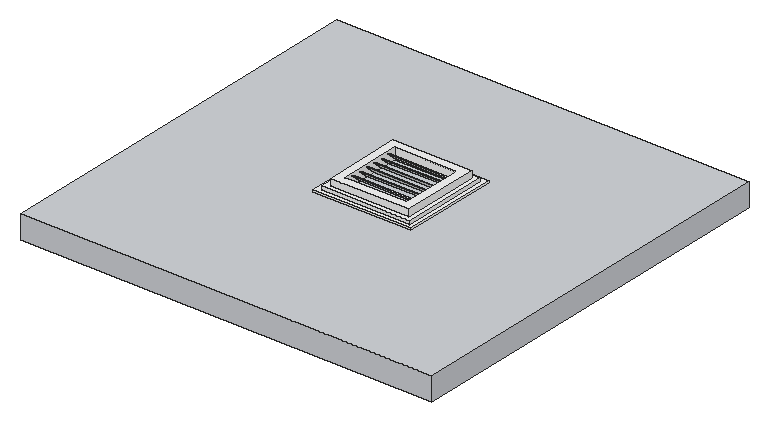
Revit family "111113002403001", category Modelos genéricos, Revit 2018
Family settings
  Anfitrión = Cara
  Puede alojar armadura = No
  Cota de conector redondo = Diámetro de uso
  Tipo de pieza = Normal
  Corte con vacíos al cargar = No
  Compartido = No
  Punto de cálculo de habitación = No
Parameters (values of type "CELOSIA SIDING CUADRADA PVC 30.5X30.5CM BLANCO")
  Ventajas = ""
  Uso = "Se utiliza como ventilación para las cumbreras y construcciones con Revestimiento\r\nVinílico (Siding)"
  Url Ficha tecnica = "https://empresascnp.cl/wp-content/uploads//pdf/ficha-tecnica-celosia-siding-cuadrada-pvc-30-5x30-5cm-blanco.pdf"
  Unidad = "Por unidad"
  URL = "https://www.empresascnp.cl/"
  Num SKUs = "111113002403001"
  Nombre SKU = "CELOSIA SIDING CUADRADA PVC 30.5X30.5CM BLANCO"
  Model = "CELOSIA SIDING CUADRADA"
  Material = PP Blanco
  Largo = 305.00 mm
  Espesor = 1.00 mm
  Empresa = "CNP SPA."
  Elevación por defecto = 1000.00 mm
  Dureza = ""
  Dimension = 305.00 mm
  Description = ""
  Assembly Code = ""
  Contacto = "info@empresascnp.cl"
  Color = "Blanco"
  Aplicacion = ""
Reference planes
  plane 1: z = 0
  plane 2 "level above": z = 15
  plane 3 "level below": z = -50
Forms (mm)
  Extrusion 1, solid
    sketch origin (0, 0, 0) x (1, 0, 0) y (0, 1, 0)
      loop
        line (-644.525, 571.5) -> (-644.525, -666.75) -> (644.525, -666.75) -> (644.525, 571.5) -> (-644.525, 571.5)
    from 0 to -72.672
  Revolve 2, void, not visible
    sketch origin (-150.829, 0, 5) x (-1, 0, 0) y (0, 1, 0)
      loop
        line (-149.164, 92.939) -> (-149.164, 94.562) -> (-184.164, 94.562) -> (-184.164, 77.939) -> (-164.164, 77.939)
        arc (-164.164, 77.939) -> (-159.771, 88.545) -> (-149.164, 92.939) r 15
      axis (-149.164, 94.562) -> (-149.164, 77.939)
    angle from 0 to -90
  Extrusion 3, solid, not visible
    sketch origin (-176.738, 0, 5) x (0, 1, 0) y (0, 0, 1)
      loop
        line (77.939, 15) -> (77.939, 0) -> (92.939, 0)
        arc (92.939, 0) -> (88.545, 10.607) -> (77.939, 15) r 15
    from 12.574 to 190.074
  Revolve 4, void, not visible
    sketch origin (0, 0, 5) x (1, 0, 0) y (0, 1, 0)
      loop
        line (-149.164, 92.939) -> (-149.164, 94.493) -> (-184.164, 94.493) -> (-184.164, 77.939) -> (-164.164, 77.939)
        arc (-164.164, 77.939) -> (-159.771, 88.545) -> (-149.164, 92.939) r 15
      axis (-149.164, 94.493) -> (-149.164, 77.939)
    angle from 0 to -90
  Extrusion 5, solid, material "PP Blanco" <- "Material"
    sketch origin (134.275, 107.584, -15) x (1, 0, 0) y (0, 1, 0)
      loop
        line (-288.513, 64.652) -> (-288.513, -240.348) -> (16.487, -240.348) -> (16.487, 64.652) -> (-288.513, 64.652)
      loop
        line (-273.513, 49.652) -> (-273.513, -225.348) -> (1.487, -225.348) -> (1.487, 49.652) -> (-273.513, 49.652)
    from 15 to 20
  Extrusion 6, solid, material "PP Blanco" <- "Material"
    sketch origin (134.275, 107.584, -15) x (1, 0, 0) y (0, 1, 0)
      loop
        line (-273.513, 49.652) -> (-273.513, -225.348) -> (1.487, -225.348) -> (1.487, 49.652) -> (-273.513, 49.652)
      loop
        line (-258.513, 34.652) -> (-258.513, -210.348) -> (-13.513, -210.348) -> (-13.513, 34.652) -> (-258.513, 34.652)
    from 15 to 30
  Extrusion 7, solid, material "PP Blanco" <- "Material"
    sketch origin (134.275, 107.584, -15) x (1, 0, 0) y (0, 1, 0)
      loop
        line (-258.513, 34.652) -> (-258.513, -210.348) -> (-13.513, -210.348) -> (-13.513, 34.652) -> (-258.513, 34.652)
      loop
        line (-233.513, 9.652) -> (-233.513, -185.348) -> (-38.513, -185.348) -> (-38.513, 9.652) -> (-233.513, 9.652)
    from 15 to 50
  Extrusion 8, solid, material "PP Blanco" <- "Material"
    sketch origin (-90.418, 96.017, 20.213) x (1, 0, 0) y (0, 0.743145, -0.669131)
      loop
        line (-8.82, 24.811) -> (-8.82, -8.912) -> (186.18, -8.912) -> (186.18, 24.811) -> (-8.82, 24.811)
    from 1.407 to 3.994
  Extrusion 9, solid, material "PP Blanco" <- "Material"
    sketch origin (-90.418, -71.327, 20.213) x (1, 0, 0) y (0, 0.743145, -0.669131)
      loop
        line (-8.82, 24.811) -> (-8.82, -8.912) -> (186.18, -8.912) -> (186.18, 24.811) -> (-8.82, 24.811)
    from 1.407 to 3.994
  Extrusion 10, solid, material "PP Blanco" <- "Material"
    sketch origin (-90.418, 68.126, 20.213) x (1, 0, 0) y (0, 0.743145, -0.669131)
      loop
        line (-8.82, 24.811) -> (-8.82, -8.912) -> (186.18, -8.912) -> (186.18, 24.811) -> (-8.82, 24.811)
    from 1.407 to 3.994
  Extrusion 11, solid, material "PP Blanco" <- "Material"
    sketch origin (-90.418, 40.235, 20.213) x (1, 0, 0) y (0, 0.743145, -0.669131)
      loop
        line (-8.82, 24.811) -> (-8.82, -8.912) -> (186.18, -8.912) -> (186.18, 24.811) -> (-8.82, 24.811)
    from 1.407 to 3.994
  Extrusion 12, solid, material "PP Blanco" <- "Material"
    sketch origin (-90.418, 12.345, 20.213) x (1, 0, 0) y (0, 0.743145, -0.669131)
      loop
        line (-8.82, 24.811) -> (-8.82, -8.912) -> (186.18, -8.912) -> (186.18, 24.811) -> (-8.82, 24.811)
    from 1.407 to 3.994
  Extrusion 13, solid, material "PP Blanco" <- "Material"
    sketch origin (-90.418, -15.546, 20.213) x (1, 0, 0) y (0, 0.743145, -0.669131)
      loop
        line (-8.82, 24.811) -> (-8.82, -8.912) -> (186.18, -8.912) -> (186.18, 24.811) -> (-8.82, 24.811)
    from 1.407 to 3.994
  Extrusion 14, solid, material "PP Blanco" <- "Material"
    sketch origin (-90.418, -43.436, 20.213) x (1, 0, 0) y (0, 0.743145, -0.669131)
      loop
        line (-8.82, 24.811) -> (-8.82, -8.912) -> (186.18, -8.912) -> (186.18, 24.811) -> (-8.82, 24.811)
    from 1.407 to 3.994
Lines and regions (mm)
  model lines, not visible
    curve 1: line (-164.164, 92.939, 0) -> (13.336, 92.939, 0)
    curve 2: line (13.336, 92.939, 0) -> (13.336, 77.939, 0)
    curve 3: line (13.336, 77.939, 0) -> (-164.164, 77.939, 0)
    curve 4: line (-164.164, 77.939, 0) -> (-164.164, 92.939, 0)
Dimensions and locks
  locked: plane 2 "level above" to level at 15
  locked: level to plane 3 "level below" at 50
  equal spacing: group 3, group 5, group 6, group 7, group 8, group 9, group 4  (x2)
  equal spacing: group 4, group 9, group 8, group 7, group 6, group 5, group 3
  aligned and locked: plane 1 to Extrusion 1
  aligned and locked: level to Extrusion 1
Automatic sketch dimensions
  Extrusion 1 sketch curve to Extrusion 1 sketch curve = 1289.05 mm
  Extrusion 1 sketch curve to Extrusion 1 sketch curve = 1238.25 mm
  Extrusion 5 sketch curve to Extrusion 5 sketch curve = 275.00 mm  (x2)
  Extrusion 5 sketch curve to Extrusion 5 sketch curve = 15.00 mm  (x4)
  Extrusion 6 sketch curve to Extrusion 6 sketch curve = 15.00 mm  (x4)
  Extrusion 6 sketch curve to Extrusion 6 sketch curve = 245.00 mm  (x2)
  Extrusion 7 sketch curve to Extrusion 7 sketch curve = 25.00 mm  (x4)
  Extrusion 7 sketch curve to Extrusion 7 sketch curve = 195.00 mm  (x2)
  Extrusion 8 sketch curve to Extrusion 8 sketch curve = 195.00 mm
  Extrusion 8 sketch curve to Extrusion 8 sketch curve = 33.724 mm
  Extrusion 9 sketch curve to Extrusion 9 sketch curve = 195.00 mm
  Extrusion 9 sketch curve to Extrusion 9 sketch curve = 33.724 mm
  Extrusion 10 sketch curve to Extrusion 10 sketch curve = 195.00 mm
  Extrusion 10 sketch curve to Extrusion 10 sketch curve = 33.724 mm
  Extrusion 11 sketch curve to Extrusion 11 sketch curve = 195.00 mm
  Extrusion 11 sketch curve to Extrusion 11 sketch curve = 33.724 mm
  Extrusion 12 sketch curve to Extrusion 12 sketch curve = 195.00 mm
  Extrusion 12 sketch curve to Extrusion 12 sketch curve = 33.724 mm
  Extrusion 13 sketch curve to Extrusion 13 sketch curve = 195.00 mm
  Extrusion 13 sketch curve to Extrusion 13 sketch curve = 33.724 mm
  Extrusion 14 sketch curve to Extrusion 14 sketch curve = 195.00 mm
  Extrusion 14 sketch curve to Extrusion 14 sketch curve = 33.724 mm
